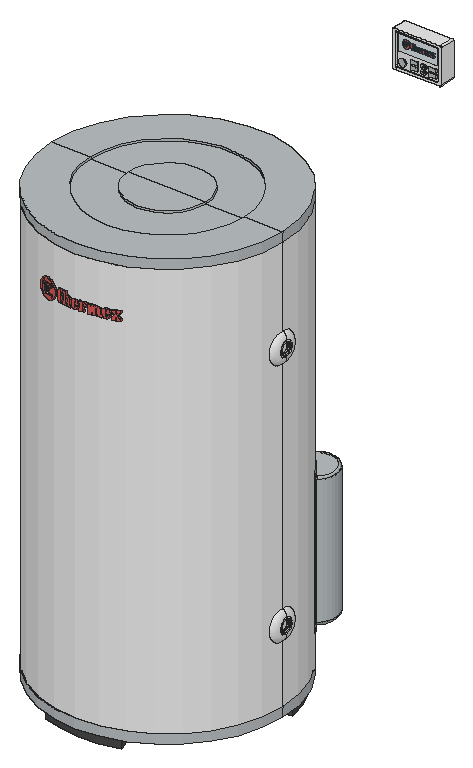
Revit family "THERMEX ROUND PLUS FLOOR IR", category Оборудование, Revit 2017 (continued)
Definition of nested family "Панель управления THERMEX_IR200_300"
  Forms (mm)
    Extrusion 9, solid, not visible
      sketch origin (0, 0, -1.25) x (1, 0, 0) y (0, 0, 1)
        loop
          arc (-50.424, 1627.961) -> (-50.195, 1627.409) -> (-49.643, 1627.18) r 0.781
          line (-49.643, 1627.18) -> (-33.054, 1627.18)
          arc (-33.054, 1627.18) -> (-32.502, 1627.409) -> (-32.273, 1627.961) r 0.781
          line (-32.273, 1627.961) -> (-32.273, 1635.768)
          arc (-32.273, 1635.768) -> (-32.502, 1636.32) -> (-33.054, 1636.548) r 0.781
          line (-33.054, 1636.548) -> (-49.643, 1636.548)
        loop
          arc (-49.643, 1622.76) -> (-50.195, 1622.531) -> (-50.424, 1621.979) r 0.781
          line (-50.424, 1621.979) -> (-50.424, 1614.172)
          arc (-50.424, 1614.172) -> (-50.195, 1613.62) -> (-49.643, 1613.392) r 0.781
          line (-49.643, 1613.392) -> (-33.054, 1613.392)
          arc (-33.054, 1613.392) -> (-32.502, 1613.62) -> (-32.273, 1614.172) r 0.781
          line (-32.273, 1614.172) -> (-32.273, 1621.979)
          arc (-32.273, 1621.979) -> (-32.502, 1622.531) -> (-33.054, 1622.76) r 0.781
          line (-33.054, 1622.76) -> (-49.643, 1622.76)
        loop
          line (16.682, 1636.548) -> (0.093, 1636.548)
          arc (0.093, 1636.548) -> (-0.459, 1636.32) -> (-0.688, 1635.768) r 0.781
          line (-0.688, 1635.768) -> (-0.688, 1627.961)
          arc (-0.688, 1627.961) -> (-0.459, 1627.409) -> (0.093, 1627.18) r 0.781
          line (0.093, 1627.18) -> (16.682, 1627.18)
          arc (16.682, 1627.18) -> (17.234, 1627.409) -> (17.463, 1627.961) r 0.781
          line (17.463, 1627.961) -> (17.463, 1635.768)
          arc (17.463, 1635.768) -> (17.234, 1636.32) -> (16.682, 1636.548) r 0.781
        loop
          line (16.682, 1622.76) -> (0.093, 1622.76)
          arc (0.093, 1622.76) -> (-0.459, 1622.531) -> (-0.688, 1621.979) r 0.781
          line (-0.688, 1621.979) -> (-0.688, 1614.172)
          arc (-0.688, 1614.172) -> (-0.459, 1613.62) -> (0.093, 1613.392) r 0.781
          line (0.093, 1613.392) -> (16.682, 1613.392)
          arc (16.682, 1613.392) -> (17.234, 1613.62) -> (17.463, 1614.172) r 0.781
          line (17.463, 1614.172) -> (17.463, 1621.979)
          arc (17.463, 1621.979) -> (17.234, 1622.531) -> (16.682, 1622.76) r 0.781
        loop
          spline (-23.952, 1631.989) -> (-23.686, 1630.809) -> (-22.906, 1629.709) -> (-21.666, 1628.765) -> (-20.049, 1628.04) -> (-18.166, 1627.584) -> (-16.145, 1627.429) -> (-14.125, 1627.584) -> (-12.242, 1628.04) -> (-10.625, 1628.765) -> (-9.384, 1629.709) -> (-8.605, 1630.809) -> (-8.339, 1631.989)
          spline (-8.339, 1631.989) -> (-8.605, 1633.169) -> (-9.384, 1634.269) -> (-10.625, 1635.213) -> (-12.242, 1635.938) -> (-14.125, 1636.393) -> (-16.145, 1636.548) -> (-18.166, 1636.393) -> (-20.049, 1635.938) -> (-21.666, 1635.213) -> (-22.906, 1634.269) -> (-23.686, 1633.169) -> (-23.952, 1631.989)
        loop
          spline (-23.952, 1617.951) -> (-23.686, 1616.771) -> (-22.906, 1615.671) -> (-21.666, 1614.727) -> (-20.049, 1614.002) -> (-18.166, 1613.547) -> (-16.145, 1613.392) -> (-14.125, 1613.547) -> (-12.242, 1614.002) -> (-10.625, 1614.727) -> (-9.384, 1615.671) -> (-8.605, 1616.771) -> (-8.339, 1617.951)
          spline (-8.339, 1617.951) -> (-8.605, 1619.131) -> (-9.384, 1620.231) -> (-10.625, 1621.175) -> (-12.242, 1621.9) -> (-14.125, 1622.356) -> (-16.145, 1622.511) -> (-18.166, 1622.356) -> (-20.049, 1621.9) -> (-21.666, 1621.175) -> (-22.906, 1620.231) -> (-23.686, 1619.131) -> (-23.952, 1617.951)
      from 36 to 38
    Extrusion 10, solid, not visible
      sketch origin (0, 0, -1.25) x (1, 0, 0) y (0, 0, 1)
        loop
          line (-16.142, 1634.921) -> (-19.029, 1629.921) -> (-13.255, 1629.921) -> (-16.142, 1634.921)
        loop
          line (-16.142, 1614.926) -> (-13.255, 1619.926) -> (-19.029, 1619.926) -> (-16.142, 1614.926)
      from 36 to 38
  Cuts and joins
    Extrusion 2 cuts Extrusion 1
  Lines and regions (mm)
    model lines
      curve 1: arc (-38.541, -38, 22.251) -> (-41.794, -38, 15.593) -> (-45.047, -38, 22.251) r 4.123
      curve 2: line (-41.794, -38, 19.717) -> (-41.794, -38, 24.198)
    model lines, not visible
      curve 3: arc (-71.041, -38, 1622.251) -> (-74.294, -38, 1615.593) -> (-77.547, -38, 1622.251) r 4.123
      curve 4: line (-74.294, -38, 1619.717) -> (-74.294, -38, 1624.198)
  Dimensions and locks
    plane 1 "По центру (Вперед/Назад)" to plane 5 = 40.000 mm
    plane 4 to plane 2 = 50.000 mm
    plane 5 to plane 6 = 4.000 mm
    equal spacing: cut or joined group of Extrusion 1, Extrusion 2, Extrusion 3, plane 6
    plane 5 to plane 1 "По центру (Вперед/Назад)" = 40.000 mm
    plane 8 to plane 3 "По центру (Влево/Вправо)" to plane 7 = 67.500 mm locked, 67.500 mm locked
    equal spacing: cut or joined group of Extrusion 1, Extrusion 2, plane 4, cut or joined group of Extrusion 1, Extrusion 2
    aligned and locked: level to plane 2
    aligned and locked: plane 5 to Extrusion 1
    aligned and locked: Extrusion 1 to plane 1 "По центру (Вперед/Назад)"
    aligned and locked: plane 5 to Extrusion 2
    aligned and locked: Extrusion 2 to plane 6
    aligned and locked: Extrusion 4 to plane 6
    aligned and locked: Extrusion 3 to Extrusion 4
    aligned and locked: Extrusion 5 to plane 6
    aligned and locked: Extrusion 3 to Extrusion 5
    aligned and locked: nested 1 to plane 9
  Automatic sketch dimensions
    Extrusion 2 sketch curve to Extrusion 2 sketch curve = 5.000 mm  (x4)
    Extrusion 3 sketch curve to Extrusion 3 sketch curve = 5.000 mm  (x4)
    Extrusion 3 sketch curve to Extrusion 3 sketch curve = 36.083 mm
    Extrusion 4 sketch curve to Extrusion 4 sketch curve = 23.763 mm
    Extrusion 4 sketch curve to Extrusion 4 sketch curve = 0.000 mm  (x6)
    Extrusion 4 sketch curve to Extrusion 4 sketch curve = 0.781 mm  (x15)
    Extrusion 4 sketch curve to Extrusion 4 sketch curve = 16.589 mm  (x2)
    Extrusion 4 sketch curve to Extrusion 4 sketch curve = 7.807 mm  (x6)
    Extrusion 4 sketch curve to Extrusion 4 sketch curve = 4.421 mm  (x2)
    Extrusion 4 sketch curve to Extrusion 4 sketch curve = 8.321 mm  (x2)
    Extrusion 4 sketch curve to Extrusion 4 sketch curve = 3.779 mm  (x2)
    Extrusion 5 sketch curve to Extrusion 5 sketch curve = 0.000 mm
    Extrusion 5 sketch curve to Extrusion 5 sketch curve = 2.887 mm  (x4)
    Extrusion 5 sketch curve to Extrusion 5 sketch curve = 5.000 mm  (x2)
    Extrusion 5 sketch curve to Extrusion 5 sketch curve = 9.995 mm
    Extrusion 1 sketch curve to Extrusion 1 sketch curve = 5.000 mm  (x4)
    Extrusion 4 sketch curve to Extrusion 4 sketch curve = 31.585 mm
    Extrusion 1 sketch curve to Extrusion 1 sketch curve = 90.000 mm
    Extrusion 2 sketch curve to Extrusion 2 sketch curve = 79.880 mm
    Extrusion 1 sketch curve to Extrusion 1 sketch curve = 125.000 mm
    Extrusion 2 sketch curve to Extrusion 2 sketch curve = 107.929 mm
    Extrusion 3 sketch curve to Extrusion 3 sketch curve = 97.929 mm
    Extrusion 4 sketch curve to Extrusion 4 sketch curve = 0.465 mm
    Extrusion 7 sketch curve to Extrusion 7 sketch curve = 5.000 mm  (x4)
    Extrusion 8 sketch curve to Extrusion 8 sketch curve = 5.000 mm  (x4)
    Extrusion 8 sketch curve to Extrusion 8 sketch curve = 36.083 mm
    Extrusion 9 sketch curve to Extrusion 9 sketch curve = 23.763 mm
    Extrusion 9 sketch curve to Extrusion 9 sketch curve = 0.000 mm  (x6)
    Extrusion 9 sketch curve to Extrusion 9 sketch curve = 0.781 mm  (x15)
    Extrusion 9 sketch curve to Extrusion 9 sketch curve = 16.589 mm  (x2)
    Extrusion 9 sketch curve to Extrusion 9 sketch curve = 7.807 mm  (x6)
    Extrusion 9 sketch curve to Extrusion 9 sketch curve = 4.421 mm  (x2)
    Extrusion 9 sketch curve to Extrusion 9 sketch curve = 8.321 mm  (x2)
    Extrusion 9 sketch curve to Extrusion 9 sketch curve = 3.779 mm  (x2)
    Extrusion 10 sketch curve to Extrusion 10 sketch curve = 0.000 mm
    Extrusion 10 sketch curve to Extrusion 10 sketch curve = 2.887 mm  (x4)
    Extrusion 10 sketch curve to Extrusion 10 sketch curve = 5.000 mm  (x2)
    Extrusion 10 sketch curve to Extrusion 10 sketch curve = 9.995 mm
    Extrusion 6 sketch curve to Extrusion 6 sketch curve = 5.000 mm  (x4)
    Extrusion 9 sketch curve to Extrusion 9 sketch curve = 31.585 mm
    Extrusion 6 sketch curve to Extrusion 6 sketch curve = 90.000 mm
    Extrusion 7 sketch curve to Extrusion 7 sketch curve = 79.880 mm
    Extrusion 6 sketch curve to Extrusion 6 sketch curve = 125.000 mm
    Extrusion 7 sketch curve to Extrusion 7 sketch curve = 107.929 mm
    Extrusion 8 sketch curve to Extrusion 8 sketch curve = 97.929 mm
    Extrusion 9 sketch curve to Extrusion 9 sketch curve = 0.465 mm
    Extrusion 1 sketch curve to plane 7 = 0.000 mm
    Extrusion 1 sketch curve to plane 4 = 50.000 mm
    plane 7 to Extrusion 2 sketch curve = 8.705 mm
    Extrusion 2 sketch curve to plane 4 = 45.000 mm
    Extrusion 3 sketch curve to plane 4 = 1.203 mm
    plane 7 to Extrusion 3 sketch curve = 13.705 mm
    plane 7 to Extrusion 4 sketch curve = 25.813 mm
    Extrusion 4 sketch curve to plane 4 = 37.858 mm
    plane 3 "По центру (Влево/Вправо)" to Extrusion 5 sketch curve = 13.471 mm
    Extrusion 5 sketch curve to plane 4 = 36.324 mm
    curve 1 to Extrusion 4 = 1.793 mm
    Extrusion 4 to curve 1 = 23.870 mm
    curve 2 to curve 1 = 0.000 mm  (x2)
    Extrusion 4 to curve 1 = 0.741 mm  (x2)
    curve 1 to curve 2 = 3.253 mm
    Extrusion 4 to curve 2 = 1.733 mm
    radius of Extrusion 4 sketch curve = 9.368 mm
    radius of Extrusion 9 sketch curve = 9.368 mm
  Nested families
    nested 1: "ЛОГО_128мм_для_ПанелиУправления_THERMEX_IR200_300" at (1.25, -36, 66.838) x (1, 0, 0) z (0, -1, 0), type "ЛОГО_128мм_для_ПанелиУправления_THERMEX_IR200_300"
    nested 2: "ЛОГО_128мм_для_ПанелиУправления_THERMEX_IR200_300" at (-31.25, -36, 1667.5) x (1, 0, 0) z (0, -1, 0), type "ЛОГО_128мм_для_ПанелиУправления_THERMEX_IR200_300", not visible
  Definition of nested family "ЛОГО_128мм_для_ПанелиУправления_THERMEX_IR200_300"
    Parameters (values of type "ЛОГО_128мм_для_ПанелиУправления_THERMEX_IR200_300")
      Default Elevation = 1219.200 mm
    Reference planes
      plane 1 "По центру (Вперед/Назад)": y = 0
      plane 2: z = 0
      plane 3 "По центру (Влево/Вправо)": x = 0
      plane 4: z = -524.875
      plane 5: z = 1
      plane 6: z = 2
      plane 7: x = 43.241
      plane 8: z = -1
      plane 9: x = -43.074
    Forms (mm)
      Extrusion 1, solid
        sketch origin (0, 0, 0) x (1, 0, 0) y (0, 1, 0)
          loop
            line (-1219.2, 1219.2) -> (-1219.2, -1219.2) -> (1219.2, -1219.2) -> (1219.2, 1219.2) -> (-1219.2, 1219.2)
        from 0 to -304.8
      Extrusion 2, solid
        sketch origin (23.828, -97.397, 0) x (1, 0, 0) y (0, 1, 0)
          loop
            line (19.413, 100.027) -> (19.413, 101.932) -> (15.863, 101.932) -> (15.863, 100.017)
            spline (15.863, 100.017) -> (15.934, 99.977) -> (15.989, 99.932) -> (16.028, 99.881) -> (16.051, 99.825) -> (16.057, 99.764) -> (16.048, 99.697) -> (16.022, 99.625) -> (15.979, 99.548) -> (15.921, 99.465) -> (15.846, 99.377) -> (15.756, 99.283) -> (15.649, 99.184)
            spline (15.649, 99.184) -> (15.539, 99.29) -> (15.447, 99.389) -> (15.372, 99.481) -> (15.314, 99.567) -> (15.273, 99.645) -> (15.249, 99.717) -> (15.243, 99.782) -> (15.254, 99.839) -> (15.281, 99.89) -> (15.326, 99.934) -> (15.388, 99.972) -> (15.468, 100.002)
            line (15.468, 100.002) -> (15.468, 101.932) -> (11.349, 101.932) -> (11.349, 100.027)
            arc (11.349, 100.027) -> (11.738, 99.857) -> (12.048, 99.566) r 1.253
            line (12.048, 99.566) -> (13.896, 97.118) -> (12.225, 94.959)
            arc (12.225, 94.959) -> (11.831, 94.57) -> (11.35, 94.296) r 2.103
            line (11.35, 94.296) -> (11.35, 92.289) -> (14.925, 92.289) -> (14.925, 94.362)
            spline (14.925, 94.362) -> (14.86, 94.404) -> (14.81, 94.451) -> (14.775, 94.503) -> (14.755, 94.559) -> (14.75, 94.62) -> (14.76, 94.685) -> (14.785, 94.755) -> (14.825, 94.83) -> (14.88, 94.909) -> (14.949, 94.992) -> (15.034, 95.081) -> (15.134, 95.173)
            spline (15.134, 95.173) -> (15.232, 95.087) -> (15.315, 95.004) -> (15.384, 94.923) -> (15.437, 94.846) -> (15.475, 94.771) -> (15.498, 94.7) -> (15.506, 94.631) -> (15.499, 94.566) -> (15.477, 94.503) -> (15.44, 94.443) -> (15.387, 94.387) -> (15.32, 94.333)
            line (15.32, 94.333) -> (15.32, 92.289) -> (19.613, 92.289) -> (19.613, 94.337)
            arc (19.613, 94.337) -> (19.113, 94.571) -> (18.708, 94.948) r 1.782
            line (18.708, 94.948) -> (17.005, 97.118) -> (18.285, 99.168)
            arc (18.285, 99.168) -> (18.77, 99.7) -> (19.413, 100.027) r 2.005
          loop
            line (6.214, 96.806) -> (10.573, 96.806) -> (10.573, 98.085)
            arc (10.573, 98.085) -> (6.689, 101.969) -> (2.805, 98.085) r 3.884
            line (2.805, 98.085) -> (2.805, 96.15)
            arc (2.805, 96.15) -> (6.671, 92.283) -> (10.537, 96.15) r 3.866
            line (10.537, 96.15) -> (7.714, 96.15)
            arc (7.714, 96.15) -> (7.665, 95.417) -> (7.461, 94.713) r 3.404
            arc (7.461, 94.713) -> (6.84, 94.364) -> (6.358, 94.888) r 0.574
            line (6.358, 94.888) -> (6.214, 96.806)
          loop
            line (6.176, 98.531) -> (7.563, 98.531) -> (7.35, 99.638)
            arc (7.35, 99.638) -> (6.845, 100.05) -> (6.353, 99.624) r 0.507
            line (6.353, 99.624) -> (6.176, 98.531)
          loop
            line (-7.164, 101.921) -> (-11.053, 101.921) -> (-11.053, 100.006)
            arc (-11.053, 100.006) -> (-10.472, 99.84) -> (-10.22, 99.291) r 0.723
            line (-10.22, 99.291) -> (-10.22, 95.026)
            arc (-10.22, 95.026) -> (-10.467, 94.482) -> (-11.04, 94.31) r 0.723
            line (-11.04, 94.31) -> (-11.04, 92.289) -> (-6.69, 92.289) -> (-6.69, 94.351)
            arc (-6.69, 94.351) -> (-7.008, 94.577) -> (-7.13, 94.948) r 0.625
            line (-7.13, 94.948) -> (-7.13, 99.232)
            arc (-7.13, 99.232) -> (-6.48, 99.882) -> (-5.831, 99.232) r 0.649
            line (-5.831, 99.232) -> (-5.831, 94.948)
            arc (-5.831, 94.948) -> (-5.96, 94.567) -> (-6.295, 94.344) r 0.625
            line (-6.295, 94.344) -> (-6.295, 92.289) -> (-2.326, 92.289) -> (-2.326, 94.351)
            arc (-2.326, 94.351) -> (-2.644, 94.577) -> (-2.766, 94.948) r 0.625
            line (-2.766, 94.948) -> (-2.766, 99.232)
            arc (-2.766, 99.232) -> (-2.117, 99.882) -> (-1.467, 99.232) r 0.649
            line (-1.467, 99.232) -> (-1.467, 94.948)
            arc (-1.467, 94.948) -> (-1.597, 94.567) -> (-1.931, 94.344) r 0.625
            line (-1.931, 94.344) -> (-1.931, 92.289) -> (2.339, 92.289) -> (2.339, 94.337)
            arc (2.339, 94.337) -> (1.831, 94.547) -> (1.621, 95.055) r 0.718
            line (1.621, 95.055) -> (1.621, 100.406)
            arc (1.621, 100.406) -> (-0.546, 101.95) -> (-3.08, 101.14) r 2.972
            arc (-3.08, 101.14) -> (-5.122, 101.926) -> (-7.164, 101.14) r 3.045
            line (-7.164, 101.14) -> (-7.164, 101.921)
          loop
            arc (-19.244, 99.932) -> (-18.677, 99.796) -> (-18.426, 99.27) r 0.677
            line (-18.426, 99.27) -> (-18.426, 95.123)
            arc (-18.426, 95.123) -> (-18.666, 94.543) -> (-19.247, 94.302) r 0.821
            line (-19.247, 94.302) -> (-19.247, 92.289) -> (-14.534, 92.289) -> (-14.534, 94.337)
            arc (-14.534, 94.337) -> (-15.076, 94.561) -> (-15.301, 95.103) r 0.767
            line (-15.301, 95.103) -> (-15.301, 98.581)
            arc (-15.301, 98.581) -> (-15.097, 99.256) -> (-14.554, 99.706) r 1.22
            spline (-14.554, 99.706) -> (-14.462, 98.601) -> (-13.82, 98.067) -> (-13.086, 97.92) -> (-12.419, 98.101) -> (-11.922, 98.553) -> (-11.615, 99.183) -> (-11.508, 99.892) -> (-11.644, 100.603) -> (-12.089, 101.252) -> (-12.895, 101.75) -> (-14.013, 101.8) -> (-15.354, 101.019)
            line (-15.354, 101.019) -> (-15.354, 101.93) -> (-19.244, 101.93) -> (-19.244, 99.932)
          loop
            line (-33.562, 105.377) -> (-37.438, 105.377) -> (-37.438, 103.373)
            arc (-37.438, 103.373) -> (-36.894, 103.277) -> (-36.647, 102.784) r 0.616
            line (-36.647, 102.784) -> (-36.647, 94.948)
            arc (-36.647, 94.948) -> (-36.897, 94.442) -> (-37.451, 94.337) r 0.634
            line (-37.451, 94.337) -> (-37.451, 92.289) -> (-33.067, 92.289) -> (-33.067, 94.342)
            arc (-33.067, 94.342) -> (-33.381, 94.575) -> (-33.501, 94.948) r 0.64
            line (-33.501, 94.948) -> (-33.501, 99.215)
            arc (-33.501, 99.215) -> (-32.84, 99.875) -> (-32.179, 99.215) r 0.661
            line (-32.179, 99.215) -> (-32.179, 94.948)
            arc (-32.179, 94.948) -> (-32.318, 94.56) -> (-32.672, 94.349) r 0.61
            line (-32.672, 94.349) -> (-32.672, 92.289) -> (-28.314, 92.289) -> (-28.314, 94.337)
            arc (-28.314, 94.337) -> (-28.862, 94.446) -> (-29.109, 94.948) r 0.632
            line (-29.109, 94.948) -> (-29.109, 99.272)
            arc (-29.109, 99.272) -> (-30.657, 101.75) -> (-33.562, 101.446) r 2.758
            line (-33.562, 101.446) -> (-33.562, 105.377)
          loop
            spline (-39.091, 94.821) -> (-39.106, 94.62) -> (-39.148, 94.432) -> (-39.216, 94.271) -> (-39.304, 94.148) -> (-39.407, 94.07) -> (-39.518, 94.044) -> (-39.628, 94.07) -> (-39.731, 94.148) -> (-39.819, 94.271) -> (-39.887, 94.432) -> (-39.929, 94.62) -> (-39.944, 94.821)
            line (-39.944, 94.821) -> (-39.944, 100.148) -> (-38.76, 100.148) -> (-38.76, 102.305) -> (-39.948, 102.305) -> (-39.948, 105.381) -> (-42.157, 105.381) -> (-42.157, 103.292)
            arc (-42.157, 103.292) -> (-42.365, 102.738) -> (-42.887, 102.46) r 0.838
            line (-42.887, 102.46) -> (-44.083, 102.305) -> (-44.083, 100.14) -> (-43.212, 100.14) -> (-43.212, 94.821)
            arc (-43.212, 94.821) -> (-40.722, 92.33) -> (-38.231, 94.821) r 2.491
            line (-38.231, 94.821) -> (-39.091, 94.821)
          loop
            circle (-56.605, 98.753) r 10.297
          loop
            arc (-63.044, 94.177) -> (-62.556, 92.999) -> (-61.378, 92.512) r 1.666
            line (-61.378, 92.512) -> (-51.81, 92.512)
            arc (-51.81, 92.512) -> (-50.632, 93) -> (-50.144, 94.178) r 1.666
            line (-50.144, 94.178) -> (-50.144, 95.659) -> (-59.804, 95.659) -> (-59.804, 99.845) -> (-63.044, 99.845) -> (-63.044, 94.177)
          loop
            line (-58.53, 101.214) -> (-58.53, 96.956) -> (-54.672, 96.956) -> (-54.672, 101.214) -> (-50.135, 101.214) -> (-50.135, 103.356)
            arc (-50.135, 103.356) -> (-50.647, 104.593) -> (-51.884, 105.105) r 1.75
            line (-51.884, 105.105) -> (-61.303, 105.105)
            arc (-61.303, 105.105) -> (-62.551, 104.589) -> (-63.068, 103.341) r 1.765
            line (-63.068, 103.341) -> (-63.068, 101.214) -> (-58.53, 101.214)
          loop
            line (-51.884, 103.904) -> (-61.313, 103.904)
            arc (-61.313, 103.904) -> (-61.712, 103.739) -> (-61.877, 103.341) r 0.563
            line (-61.877, 103.341) -> (-61.877, 102.416) -> (-57.346, 102.416) -> (-57.346, 98.158) -> (-55.863, 98.158) -> (-55.863, 102.416) -> (-51.326, 102.416) -> (-51.326, 103.346)
            arc (-51.326, 103.346) -> (-51.489, 103.741) -> (-51.884, 103.904) r 0.558
          loop
            line (-24.374, 96.806) -> (-20.015, 96.806) -> (-20.015, 98.085)
            arc (-20.015, 98.085) -> (-23.899, 101.969) -> (-27.783, 98.085) r 3.884
            line (-27.783, 98.085) -> (-27.783, 96.15)
            arc (-27.783, 96.15) -> (-23.917, 92.283) -> (-20.051, 96.15) r 3.866
            line (-20.051, 96.15) -> (-22.874, 96.15)
            arc (-22.874, 96.15) -> (-22.923, 95.417) -> (-23.127, 94.713) r 3.404
            arc (-23.127, 94.713) -> (-23.748, 94.364) -> (-24.23, 94.888) r 0.574
            line (-24.23, 94.888) -> (-24.374, 96.806)
          loop
            line (-24.412, 98.531) -> (-23.026, 98.531) -> (-23.238, 99.639)
            arc (-23.238, 99.639) -> (-23.743, 100.05) -> (-24.235, 99.625) r 0.506
            line (-24.235, 99.625) -> (-24.412, 98.531)
        from -1 to 1
    Dimensions and locks
      plane 5 to plane 4 = 525.875 mm
      plane 6 to plane 5 = 1.000 mm
      plane 3 "По центру (Влево/Вправо)" to plane 7 = 43.241 mm
      plane 9 to plane 3 "По центру (Влево/Вправо)" = 43.074 mm
      aligned and locked: plane 2 to Extrusion 1
      aligned and locked: level to Extrusion 1
      aligned and locked: Extrusion 2 to plane 8
      aligned and locked: Extrusion 2 to plane 5
    Automatic sketch dimensions
      Extrusion 1 sketch curve to Extrusion 1 sketch curve = 2438.400 mm  (x2)
      Extrusion 2 sketch curve to Extrusion 2 sketch curve = 1.191 mm  (x3)
      Extrusion 2 sketch curve to Extrusion 2 sketch curve = 1.666 mm  (x2)
      Extrusion 2 sketch curve to Extrusion 2 sketch curve = 0.563 mm
      Extrusion 2 sketch curve to Extrusion 2 sketch curve = 0.010 mm
      Extrusion 2 sketch curve to Extrusion 2 sketch curve = 1.574 mm
      Extrusion 2 sketch curve to Extrusion 2 sketch curve = 1.274 mm
      Extrusion 2 sketch curve to Extrusion 2 sketch curve = 1.185 mm  (x2)
      Extrusion 2 sketch curve to Extrusion 2 sketch curve = 0.741 mm  (x2)
      Extrusion 2 sketch curve to Extrusion 2 sketch curve = 2.788 mm
      Extrusion 2 sketch curve to Extrusion 2 sketch curve = 0.000 mm  (x7)
      Extrusion 2 sketch curve to Extrusion 2 sketch curve = 2.862 mm
      Extrusion 2 sketch curve to Extrusion 2 sketch curve = 0.558 mm
      Extrusion 2 sketch curve to Extrusion 2 sketch curve = 6.052 mm
      Extrusion 2 sketch curve to Extrusion 2 sketch curve = 0.871 mm
      Extrusion 2 sketch curve to Extrusion 2 sketch curve = 1.088 mm
      Extrusion 2 sketch curve to Extrusion 2 sketch curve = 0.108 mm
      Extrusion 2 sketch curve to Extrusion 2 sketch curve = 0.838 mm
      Extrusion 2 sketch curve to Extrusion 2 sketch curve = 2.491 mm
      Extrusion 2 sketch curve to Extrusion 2 sketch curve = 2.209 mm
      Extrusion 2 sketch curve to Extrusion 2 sketch curve = 0.778 mm
      Extrusion 2 sketch curve to Extrusion 2 sketch curve = 0.853 mm
      Extrusion 2 sketch curve to Extrusion 2 sketch curve = 1.188 mm
      Extrusion 2 sketch curve to Extrusion 2 sketch curve = 0.779 mm
      Extrusion 2 sketch curve to Extrusion 2 sketch curve = 2.510 mm
      Extrusion 2 sketch curve to Extrusion 2 sketch curve = 0.170 mm
      Extrusion 2 sketch curve to Extrusion 2 sketch curve = 0.176 mm  (x2)
      Extrusion 2 sketch curve to Extrusion 2 sketch curve = 0.634 mm
      Extrusion 2 sketch curve to Extrusion 2 sketch curve = 3.876 mm
      Extrusion 2 sketch curve to Extrusion 2 sketch curve = 0.062 mm
      Extrusion 2 sketch curve to Extrusion 2 sketch curve = 0.433 mm
      Extrusion 2 sketch curve to Extrusion 2 sketch curve = 0.640 mm
      Extrusion 2 sketch curve to Extrusion 2 sketch curve = 0.661 mm
      Extrusion 2 sketch curve to Extrusion 2 sketch curve = 0.071 mm
      Extrusion 2 sketch curve to Extrusion 2 sketch curve = 0.395 mm  (x4)
      Extrusion 2 sketch curve to Extrusion 2 sketch curve = 0.312 mm
      Extrusion 2 sketch curve to Extrusion 2 sketch curve = 3.070 mm
      Extrusion 2 sketch curve to Extrusion 2 sketch curve = 0.632 mm
      Extrusion 2 sketch curve to Extrusion 2 sketch curve = 0.163 mm
      Extrusion 2 sketch curve to Extrusion 2 sketch curve = 0.694 mm
      Extrusion 2 sketch curve to Extrusion 2 sketch curve = 1.507 mm  (x2)
      Extrusion 2 sketch curve to Extrusion 2 sketch curve = 1.864 mm  (x2)
      Extrusion 2 sketch curve to Extrusion 2 sketch curve = 0.038 mm  (x2)
      Extrusion 2 sketch curve to Extrusion 2 sketch curve = 0.177 mm
      plane 1 "По центру (Вперед/Назад)" to Extrusion 2 sketch curve = 2.509 mm  (x2)
      Extrusion 2 sketch curve to Extrusion 2 sketch curve = 0.144 mm  (x2)
      Extrusion 2 sketch curve to Extrusion 2 sketch curve = 0.457 mm  (x2)
      Extrusion 2 sketch curve to Extrusion 2 sketch curve = 0.513 mm  (x2)
      Extrusion 2 sketch curve to Extrusion 2 sketch curve = 0.500 mm  (x2)
      Extrusion 2 sketch curve to Extrusion 2 sketch curve = 0.572 mm  (x2)
      Extrusion 2 sketch curve to plane 1 "По центру (Вперед/Назад)" = 2.242 mm
      Extrusion 2 sketch curve to Extrusion 2 sketch curve = 0.497 mm  (x2)
      Extrusion 2 sketch curve to plane 1 "По центру (Вперед/Назад)" = 1.134 mm
      Extrusion 2 sketch curve to Extrusion 2 sketch curve = 1.043 mm  (x2)
      Extrusion 2 sketch curve to Extrusion 2 sketch curve = 0.804 mm
      Extrusion 2 sketch curve to Extrusion 2 sketch curve = 0.771 mm
      Extrusion 2 sketch curve to Extrusion 2 sketch curve = 0.141 mm
      Extrusion 2 sketch curve to Extrusion 2 sketch curve = 0.677 mm
      Extrusion 2 sketch curve to Extrusion 2 sketch curve = 3.125 mm
      Extrusion 2 sketch curve to Extrusion 2 sketch curve = 0.747 mm
      Extrusion 2 sketch curve to Extrusion 2 sketch curve = 0.767 mm
      Extrusion 2 sketch curve to Extrusion 2 sketch curve = 1.220 mm
      Extrusion 2 sketch curve to Extrusion 2 sketch curve = 3.501 mm
      Extrusion 2 sketch curve to Extrusion 2 sketch curve = 3.494 mm
      Extrusion 2 sketch curve to Extrusion 2 sketch curve = 0.111 mm
      Extrusion 2 sketch curve to Extrusion 2 sketch curve = 0.098 mm
      Extrusion 2 sketch curve to Extrusion 2 sketch curve = 0.723 mm
      Extrusion 2 sketch curve to Extrusion 2 sketch curve = 3.890 mm
      Extrusion 2 sketch curve to Extrusion 2 sketch curve = 0.034 mm
      Extrusion 2 sketch curve to Extrusion 2 sketch curve = 0.440 mm
      Extrusion 2 sketch curve to Extrusion 2 sketch curve = 0.625 mm  (x2)
      Extrusion 2 sketch curve to Extrusion 2 sketch curve = 0.649 mm  (x2)
      Extrusion 2 sketch curve to Extrusion 2 sketch curve = 0.049 mm  (x2)
      Extrusion 2 sketch curve to Extrusion 2 sketch curve = 0.709 mm
      plane 3 "По центру (Влево/Вправо)" to Extrusion 2 sketch curve = 21.062 mm
      plane 3 "По центру (Влево/Вправо)" to Extrusion 2 sketch curve = 21.502 mm
      Extrusion 2 sketch curve to Extrusion 2 sketch curve = 0.463 mm
      Extrusion 2 sketch curve to Extrusion 2 sketch curve = 2.626 mm
      Extrusion 2 sketch curve to Extrusion 2 sketch curve = 0.718 mm
      Extrusion 2 sketch curve to Extrusion 2 sketch curve = 1.184 mm
      Extrusion 2 sketch curve to Extrusion 2 sketch curve = 0.498 mm
      Extrusion 2 sketch curve to Extrusion 2 sketch curve = 0.873 mm
      Extrusion 2 sketch curve to Extrusion 2 sketch curve = 0.025 mm  (x2)
      Extrusion 2 sketch curve to Extrusion 2 sketch curve = 0.475 mm
      Extrusion 2 sketch curve to Extrusion 2 sketch curve = 0.301 mm
      Extrusion 2 sketch curve to Extrusion 2 sketch curve = 0.812 mm
      Extrusion 2 sketch curve to Extrusion 2 sketch curve = 0.699 mm
      Extrusion 2 sketch curve to Extrusion 2 sketch curve = 0.875 mm
      Extrusion 2 sketch curve to Extrusion 2 sketch curve = 1.671 mm
      Extrusion 2 sketch curve to Extrusion 2 sketch curve = 3.575 mm
      Extrusion 2 sketch curve to Extrusion 2 sketch curve = 0.209 mm
      Extrusion 2 sketch curve to Extrusion 2 sketch curve = 1.571 mm
      Extrusion 2 sketch curve to Extrusion 2 sketch curve = 0.181 mm
      Extrusion 2 sketch curve to Extrusion 2 sketch curve = 0.396 mm
      Extrusion 2 sketch curve to Extrusion 2 sketch curve = 1.356 mm
      Extrusion 2 sketch curve to Extrusion 2 sketch curve = 1.280 mm
      Extrusion 2 sketch curve to Extrusion 2 sketch curve = 1.704 mm
      Extrusion 2 sketch curve to Extrusion 2 sketch curve = 1.128 mm
      Extrusion 2 sketch curve to Extrusion 2 sketch curve = 0.905 mm
      Extrusion 2 sketch curve to Extrusion 2 sketch curve = 0.573 mm
      plane 1 "По центру (Вперед/Назад)" to Extrusion 2 sketch curve = 2.577 mm
      Extrusion 2 sketch curve to Extrusion 2 sketch curve = 0.526 mm
      Extrusion 2 sketch curve to Extrusion 2 sketch curve = 0.537 mm
      Extrusion 2 sketch curve to Extrusion 2 sketch curve = 0.597 mm
      Extrusion 2 sketch curve to Extrusion 2 sketch curve = 0.472 mm
      Extrusion 2 sketch curve to Extrusion 2 sketch curve = 0.007 mm  (x3)
      Extrusion 2 sketch curve to Extrusion 2 sketch curve = 0.611 mm  (x4)
      Extrusion 2 sketch curve to Extrusion 2 sketch curve = 0.484 mm
      Extrusion 2 sketch curve to Extrusion 2 sketch curve = 0.029 mm
      Extrusion 2 sketch curve to Extrusion 2 sketch curve = 0.026 mm
      Extrusion 2 sketch curve to Extrusion 2 sketch curve = 0.801 mm
      Extrusion 2 sketch curve to Extrusion 2 sketch curve = 0.066 mm
      Extrusion 2 sketch curve to Extrusion 2 sketch curve = 0.643 mm
      Extrusion 2 sketch curve to Extrusion 2 sketch curve = 2.021 mm
      Extrusion 2 sketch curve to Extrusion 2 sketch curve = 2.048 mm  (x3)
      Extrusion 2 sketch curve to Extrusion 2 sketch curve = 2.008 mm
      Extrusion 2 sketch curve to Extrusion 2 sketch curve = 0.043 mm  (x2)
      Extrusion 2 sketch curve to Extrusion 2 sketch curve = 0.663 mm
      Extrusion 2 sketch curve to Extrusion 2 sketch curve = 0.811 mm
      Extrusion 2 sketch curve to Extrusion 2 sketch curve = 1.481 mm
      Extrusion 2 sketch curve to Extrusion 2 sketch curve = 0.798 mm  (x2)
      Extrusion 2 sketch curve to Extrusion 2 sketch curve = 1.218 mm
      Extrusion 2 sketch curve to Extrusion 2 sketch curve = 1.095 mm
      Extrusion 2 sketch curve to Extrusion 2 sketch curve = 2.778 mm
      Extrusion 2 sketch curve to Extrusion 2 sketch curve = 0.446 mm  (x2)
      Extrusion 2 sketch curve to Extrusion 2 sketch curve = 1.279 mm
      Extrusion 2 sketch curve to Extrusion 2 sketch curve = 2.057 mm
      Extrusion 2 sketch curve to Extrusion 2 sketch curve = 1.202 mm  (x3)
      Extrusion 2 sketch curve to Extrusion 2 sketch curve = 3.478 mm
      Extrusion 2 sketch curve to Extrusion 2 sketch curve = 0.595 mm
      Extrusion 2 sketch curve to Extrusion 2 sketch curve = 0.726 mm
      Extrusion 2 sketch curve to Extrusion 2 sketch curve = 3.934 mm
      Extrusion 2 sketch curve to Extrusion 2 sketch curve = 0.929 mm
      Extrusion 2 sketch curve to Extrusion 2 sketch curve = 2.066 mm
      Extrusion 2 sketch curve to Extrusion 2 sketch curve = 4.267 mm
      Extrusion 2 sketch curve to Extrusion 2 sketch curve = 0.218 mm
      Extrusion 2 sketch curve to Extrusion 2 sketch curve = 0.351 mm
      Extrusion 2 sketch curve to Extrusion 2 sketch curve = 0.057 mm
      Extrusion 2 sketch curve to Extrusion 2 sketch curve = 0.059 mm
      Extrusion 2 sketch curve to Extrusion 2 sketch curve = 4.186 mm
      Extrusion 2 sketch curve to Extrusion 2 sketch curve = 0.818 mm
      Extrusion 2 sketch curve to Extrusion 2 sketch curve = 0.015 mm
      Extrusion 2 sketch curve to Extrusion 2 sketch curve = 5.319 mm
      Extrusion 2 sketch curve to Extrusion 2 sketch curve = 0.008 mm
      Extrusion 2 sketch curve to Extrusion 2 sketch curve = 2.321 mm
      Extrusion 2 sketch curve to Extrusion 2 sketch curve = 1.908 mm
      Extrusion 2 sketch curve to Extrusion 2 sketch curve = 1.368 mm
      Extrusion 2 sketch curve to Extrusion 2 sketch curve = 2.461 mm
      Extrusion 2 sketch curve to Extrusion 2 sketch curve = 0.781 mm
      Extrusion 2 sketch curve to Extrusion 2 sketch curve = 1.999 mm
      Extrusion 2 sketch curve to Extrusion 2 sketch curve = 1.905 mm  (x2)
      Extrusion 2 sketch curve to Extrusion 2 sketch curve = 2.157 mm
      Extrusion 2 sketch curve to Extrusion 2 sketch curve = 2.166 mm
      Extrusion 2 sketch curve to Extrusion 2 sketch curve = 0.478 mm
      Extrusion 2 sketch curve to Extrusion 2 sketch curve = 0.925 mm
      Extrusion 2 sketch curve to Extrusion 2 sketch curve = 3.931 mm
      Extrusion 2 sketch curve to Extrusion 2 sketch curve = 0.004 mm
      Extrusion 2 sketch curve to Extrusion 2 sketch curve = 0.800 mm
      Extrusion 2 sketch curve to Extrusion 2 sketch curve = 0.911 mm
      Extrusion 2 sketch curve to Extrusion 2 sketch curve = 2.356 mm
      Extrusion 2 sketch curve to Extrusion 2 sketch curve = 2.773 mm
      radius of Extrusion 2 sketch curve = 10.297 mm
Definition of nested family "IR_РезьбаСоСбегами_Внутр"
  Parameters (values of type "1" х 3 х 1")
    Отступ от дна = 1.000 mm
    Default Elevation = 0.000 mm
    Z = 3
    VT_body = none
    P = 2.309 mm
    L = Z * P + P * 1.5  # 10.391 mm
    H = P * 0.96049  # 2.218 mm
    D2/2 = D2 / 2  # 15.885 mm
    D2 = 31.770 mm
    1/2P = P / 2  # 1.155 mm
  Reference planes
    plane 1 "По центру (Вперед/Назад)": y = 0
    plane 2: z = 0
    plane 3 "По центру (Влево/Вправо)": x = 0
    plane 4: x = -15.885
    plane 5: x = 15.885
    plane 6: x = -14.776
    plane 7: x = -16.994
    plane 8: x = 14.776
    plane 9: x = 16.994
    plane 10 "Верх резьбы": z = 11.39
    plane 11: z = 10.236
    plane 12: z = 9.081
    plane 13: z = 7.927
    plane 14 "Привязка массива": z = 3.309
    plane 15: z = 2.154
    plane 16 "Низ резьбы": z = 1
  Forms (mm)
    Extrusion 1, solid
      sketch origin (0, 0, 0) x (1, 0, 0) y (0, 1, 0)
        loop
          line (-1219.2, 1219.2) -> (-1219.2, -1219.2) -> (1219.2, -1219.2) -> (1219.2, 1219.2) -> (-1219.2, 1219.2)
      from 0 to -304.8
    SweptBlend 2, solid, material <- "VT_body"
      path origin (0, 0, 11.39) x (0, -1, 0) y (-1, 0, 0)
        loop
          arc (0, -15.885) -> (-15.885, 0) -> (0, 15.885) r 15.885
      profile origin (15.885, 0, 11.39) x (-1, 0, 0) y (0, 0, 1)
        loop
          line (-1.109, -1.154) -> (-1.109, -3.463) -> (1.109, -2.309) -> (-1.109, -1.154)
      end profile origin (-15.885, 0, 11.39) x (1, 0, 0) y (0, 0, 1)
        loop
          line (-1.109, 0) -> (-1.109, -2.309) -> (1.109, -1.154) -> (-1.109, 0)
    SweptBlend 3, solid, material <- "VT_body"
      path origin (0, 0, 11.39) x (0, -1, 0) y (-1, 0, 0)
        loop
          arc (0, 15.885) -> (15.885, 0) -> (0, -15.885) r 15.885
      profile origin (-15.885, 0, 11.39) x (1, 0, 0) y (0, 0, 1)
        loop
          line (-1.109, 0) -> (-1.109, -2.309) -> (1.109, -1.154) -> (-1.109, 0)
      end profile origin (15.885, 0, 11.39) x (-1, 0, 0) y (0, 0, 1)
        loop
          line (-1.109, 0) -> (-1.109, -1.154) -> (0, 0) -> (-1.109, 0)
    SweptBlend 4, solid, material <- "VT_body"
      path origin (0, 0, 1) x (0, -1, 0) y (-1, 0, 0)
        loop
          arc (0, -15.885) -> (15.885, 0) -> (0, 15.885) r 15.885
      profile origin (15.885, 0, 1) x (1, 0, 0) y (0, 0, 1)
        loop
          line (1.109, 2.309) -> (-1.109, 1.155) -> (1.109, 0) -> (1.109, 2.309)
      end profile origin (-15.885, 0, 1) x (-1, 0, 0) y (0, 0, 1)
        loop
          line (1.109, 1.155) -> (0, 0) -> (1.109, 0) -> (1.109, 1.155)
  Dimensions and locks
    "D2": plane 5 to plane 4
    equal spacing: plane 6, plane 4, plane 7
    "H": plane 6 to plane 7
    equal spacing: plane 8, plane 3 "По центру (Влево/Вправо)", plane 6
    equal spacing: plane 9, plane 3 "По центру (Влево/Вправо)", plane 7
    equal spacing: plane 16 "Низ резьбы", plane 15, plane 14 "Привязка массива"
    equal spacing: plane 13, plane 12, plane 11, plane 10 "Верх резьбы"
    "Отступ от дна": plane 16 "Низ резьбы" to plane 2
    "L": plane 10 "Верх резьбы" to plane 16 "Низ резьбы"
    "1/2P": plane 12 to plane 13
    "1/2P": plane 15 to plane 16 "Низ резьбы"
    equal spacing: group 1, group 2, group 3  (x3)
    equal spacing: plane 5, plane 3 "По центру (Влево/Вправо)", plane 4
    "P": nested 3 to plane 14 "Привязка массива"
    "D2/2": radius of SweptBlend 3 sketch curve
    "D2/2": radius of SweptBlend 2 sketch curve
    aligned and locked: plane 2 to Extrusion 1
    aligned and locked: level to Extrusion 1
    aligned and locked: plane 3 "По центру (Влево/Вправо)" to SweptBlend 2 sketch curve
    aligned and locked: plane 1 "По центру (Вперед/Назад)" to SweptBlend 2 sketch curve  (x3)
    aligned and locked: plane 11 to SweptBlend 2 sketch curve  (x2)
    aligned and locked: plane 13 to SweptBlend 2 sketch curve
    aligned and locked: plane 9 to SweptBlend 2 sketch curve
    aligned and locked: plane 10 "Верх резьбы" to SweptBlend 2 sketch curve
    aligned and locked: plane 12 to SweptBlend 2 sketch curve  (x2)
    aligned and locked: SweptBlend 2 sketch curve to plane 7
    aligned and locked: SweptBlend 3 sketch curve to SweptBlend 2
    aligned and locked: SweptBlend 2 to SweptBlend 3 sketch curve
    aligned and locked: plane 3 "По центру (Влево/Вправо)" to SweptBlend 3 sketch curve
    aligned and locked: plane 1 "По центру (Вперед/Назад)" to SweptBlend 3 sketch curve
    aligned and locked: plane 12 to SweptBlend 3 sketch curve
    aligned and locked: plane 10 "Верх резьбы" to SweptBlend 3 sketch curve
    aligned and locked: SweptBlend 3 sketch curve to plane 7
    aligned and locked: plane 6 to SweptBlend 3 sketch curve
    aligned and locked: plane 11 to SweptBlend 3 sketch curve  (x2)
    aligned and locked: plane 9 to SweptBlend 3 sketch curve
    aligned and locked: plane 5 to SweptBlend 3 sketch curve
    aligned and locked: SweptBlend 3 sketch curve to plane 10 "Верх резьбы"
    aligned and locked: SweptBlend 3 to SweptBlend 4 sketch curve
    aligned and locked: SweptBlend 4 sketch curve to SweptBlend 2
    aligned and locked: plane 3 "По центру (Влево/Вправо)" to SweptBlend 4 sketch curve
    aligned and locked: plane 1 "По центру (Вперед/Назад)" to SweptBlend 4 sketch curve
    aligned and locked: plane 14 "Привязка массива" to SweptBlend 4 sketch curve
    aligned and locked: plane 16 "Низ резьбы" to SweptBlend 4 sketch curve  (x2)
    aligned and locked: plane 9 to SweptBlend 4 sketch curve
    aligned and locked: plane 8 to SweptBlend 4 sketch curve
    aligned and locked: plane 15 to SweptBlend 4 sketch curve  (x2)
    aligned and locked: SweptBlend 4 sketch curve to plane 7
    aligned and locked: plane 4 to SweptBlend 4 sketch curve
    aligned and locked: plane 6 to SweptBlend 2 sketch curve
    aligned and locked: plane 8 to SweptBlend 2 sketch curve
    aligned and locked: plane 3 "По центру (Влево/Вправо)" to nested 1
    aligned and locked: plane 1 "По центру (Вперед/Назад)" to nested 1
    aligned and locked: nested 1 to plane 16 "Низ резьбы"
  Automatic sketch dimensions
    Extrusion 1 sketch curve to Extrusion 1 sketch curve = 2438.400 mm  (x2)
    SweptBlend 4 sketch curve to plane 5 = 0.000 mm
  Nested families
    nested 1: "НиткиРезьбыДля_IR_РезьбаСоСбегами_Внутр" at (0, 0, 3.309), type "НиткиРезьбыДля_IR_РезьбаСоСбегами_Внутр"
    nested 2: "НиткиРезьбыДля_IR_РезьбаСоСбегами_Внутр" at (0, 0, 5.618), type "НиткиРезьбыДля_IR_РезьбаСоСбегами_Внутр"
    nested 3: "НиткиРезьбыДля_IR_РезьбаСоСбегами_Внутр" at (0, 0, 7.927), type "НиткиРезьбыДля_IR_РезьбаСоСбегами_Внутр"
  Definition of nested family "НиткиРезьбыДля_IR_РезьбаСоСбегами_Внутр"
    Parameters (values of type "НиткиРезьбыДля_IR_РезьбаСоСбегами_Внутр")
      Шаг = 2.309 mm
      Профиль = Шаг * 0.96049  # 2.218 mm
      ПолШага = Шаг / 2  # 1.155 mm
      ПолД2 = Д2 / 2  # 15.885 mm
      Д2 = 31.770 mm
      VT_body = none
    Reference planes
      plane 1 "По центру (Вперед/Назад)": y = 0
      plane 2 "3": z = 0
      plane 3 "По центру (Влево/Вправо)": x = 0
      plane 4 "2": z = -1.154
      plane 5 "1": z = -2.309
      plane 6 "4": z = 1.154
      plane 7 "5": z = 2.309
      plane 8: x = -15.885
      plane 9: x = 15.885
      plane 10: x = -16.994
      plane 11: x = -14.776
      plane 12: x = 14.776
      plane 13: x = 16.994
    Forms (mm)
      SweptBlend 1, solid, material <- "VT_body"
        path origin (0, 0, -1.155) x (-1, 0, 0) y (0, -1, 0)
          loop
            arc (-15.885, 0) -> (0, -15.885) -> (15.885, 0) r 15.885
        profile origin (15.885, 0, -1.155) x (-1, 0, 0) y (0, 0, 1)
          loop
            line (-1.109, 1.155) -> (-1.109, -1.154) -> (1.109, 0) -> (-1.109, 1.155)
        end profile origin (-15.885, 0, -1.154) x (1, 0, 0) y (0, 0, 1)
          loop
            line (-1.109, 2.309) -> (-1.109, 0) -> (1.109, 1.155) -> (-1.109, 2.309)
      SweptBlend 2, solid, material <- "VT_body"
        path origin (0, 0, -1.155) x (-1, 0, 0) y (0, -1, 0)
          loop
            arc (15.885, 0) -> (0, 15.885) -> (-15.885, 0) r 15.885
        profile origin (-15.885, 0, -1.154) x (1, 0, 0) y (0, 0, 1)
          loop
            line (-1.109, 2.309) -> (-1.109, 0) -> (1.109, 1.155) -> (-1.109, 2.309)
        end profile origin (15.885, 0, -1.155) x (-1, 0, 0) y (0, 0, 1)
          loop
            line (-1.109, 3.463) -> (-1.109, 1.155) -> (1.109, 2.309) -> (-1.109, 3.463)
    Dimensions and locks
      equal spacing: plane 7 "5", plane 6 "4", plane 2 "3", plane 4 "2", plane 5 "1"
      "ПолШага": plane 4 "2" to plane 5 "1"
      equal spacing: plane 9, plane 3 "По центру (Влево/Вправо)", plane 8
      "Д2": plane 9 to plane 8
      equal spacing: plane 11, plane 8, plane 10
      equal spacing: plane 13, plane 9, plane 12
      "Профиль": plane 11 to plane 10
      "Профиль": plane 13 to plane 12
      "ПолД2": radius of SweptBlend 1 sketch curve
      "ПолД2": radius of SweptBlend 2 sketch curve
      aligned and locked: level to plane 2 "3"
      aligned and locked: plane 3 "По центру (Влево/Вправо)" to SweptBlend 1 sketch curve
      aligned and locked: plane 1 "По центру (Вперед/Назад)" to SweptBlend 1 sketch curve  (x3)
      aligned and locked: plane 2 "3" to SweptBlend 1 sketch curve  (x2)
      aligned and locked: plane 5 "1" to SweptBlend 1 sketch curve
      aligned and locked: SweptBlend 1 sketch curve to plane 13
      aligned and locked: plane 12 to SweptBlend 1 sketch curve
      aligned and locked: plane 4 "2" to SweptBlend 1 sketch curve  (x2)
      aligned and locked: plane 6 "4" to SweptBlend 1 sketch curve
      aligned and locked: SweptBlend 1 sketch curve to plane 10
      aligned and locked: plane 11 to SweptBlend 1 sketch curve
      aligned and locked: plane 3 "По центру (Влево/Вправо)" to SweptBlend 2 sketch curve
      aligned and locked: plane 1 "По центру (Вперед/Назад)" to SweptBlend 2 sketch curve
      aligned and locked: plane 6 "4" to SweptBlend 2 sketch curve  (x2)
      aligned and locked: plane 4 "2" to SweptBlend 2 sketch curve
      aligned and locked: SweptBlend 2 sketch curve to plane 10
      aligned and locked: plane 11 to SweptBlend 2 sketch curve
      aligned and locked: plane 2 "3" to SweptBlend 2 sketch curve  (x2)
      aligned and locked: plane 7 "5" to SweptBlend 2 sketch curve
      aligned and locked: SweptBlend 2 sketch curve to plane 13
      aligned and locked: plane 12 to SweptBlend 2 sketch curve
Types (2, lengths in mm): name | РадТелаПлюсДва | РадТелаМинус90то | РадТелаМинусДесять | РадТела | Отметка нижних патрубков | Отметка верхних патрубков | Лого | ДиамТела | Высота без ног | Высота | Б | А | ADSK_Позиция | ADSK_Наименование
  300 | 317.000 | 225.000 | 305.000 | 315.000 | 252.000 | 932.000 | ЛОГО_220мм_для_THERMEX_IR300 : ЛОГО_220мм_для_THERMEX_IR300 | 630.000 | 1190.000 | 1215.000 | 907.000 | 227.000 | "IR300" | "Водонагреватель аккумуляционный, электрический, V300л Thermex ROUND PLUS IR"
  200 | 267.000 | 175.000 | 255.000 | 265.000 | 235.000 | 915.000 | ЛОГО_220мм_для_THERMEX_IR200 : ЛОГО_220мм_для_THERMEX_IR200 | 530.000 | 1160.000 | 1185.000 | 890.000 | 210.000 | "IR200" | "Водонагреватель аккумуляционный, электрический, V200л Thermex ROUND PLUS IR"
